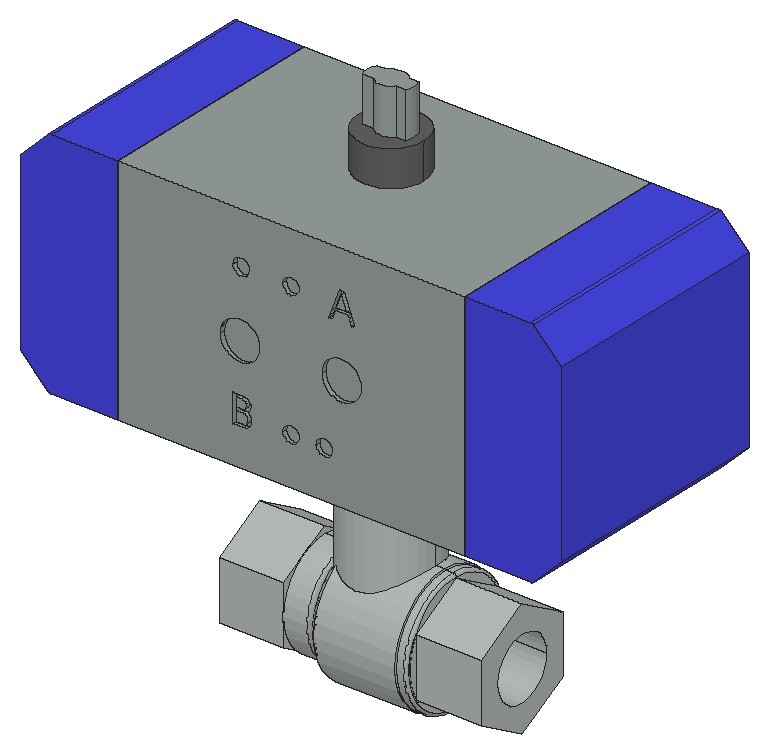
Revit family "QD34830000", category Apparecchi idraulici, Revit 2020
Family settings
  Quota connettore circolare = Usa diametro
  Tipo di parte = Normale
  Numero OmniClass = 23.45.00.00
  Titolo OmniClass = Sanitary, Laundry, and Cleaning Equipment
  Basato su piano di lavoro = No
  Sempre verticale = Sì
  Taglio con vuoti quando caricato = No
  Condiviso = No
  Punto di calcolo locali = No
Parameters
  URL = "https://web.cimberio.it/index.php/figura/1462?subcategoria_id=101"
  Temperatura di esercizio = "-20 ÷ 150°C"
  Prospetto di default = 0 mm
  Produttore = "CIMBERIO SPA"
  Pressione nominale = "PN 32"
  Modello = "Cim 870PDD002"
  Materiale = "Prodotto in lega di ottone conforme alla norma EN 12165-CW617N-DW"
  Descrizione = "Utilizzato nei più svariati settori dell'impiantistica: impianti di riscaldamento, condizionamento, idrici, igienico-sanitari, aria compressa e in generale con ogni fluido non corrosivo.\r\nParticolarmente indicato come valvola di zona per la regolazione e contabilizzazione di impianti di riscaldamento singoli o a zone, impianti con utilizzazione di energie alternative, impianti con fluidi caldi o freddi e impianti di automazione in genere."
  DN Model [instance] = QD34831015 : QD34831015
  DN [instance] = 15 mm
  Commenti sul tipo = "Realizzato in ottemperanza ai requisiti gestionali della norma EN ISO 9001.\r\nCollaudato al 100% secondo la normativa EN 12266-1"
Reference planes
  plane 1 "Centro (Fronte/Retro)": y = 0
  plane 2: z = 0
  plane 3 "Centro (Sinistra/Destra)": x = 0
Dimensions and locks
  aligned and locked: level to plane 2
Nested families
  nested 1: "QD34831015" at (0, 0, 0), type <- "DN Model", type "QD34831015"
  nested 2: "QD34831015" at (0, 0, 0), type <- "DN Model", type "QD34831015"
  nested 3: "QD34831015" at (0, 0, 0), type <- "DN Model", type "QD34831015"
  nested 4: "QD34831015" at (0, 0, 0), type <- "DN Model", type "QD34831015"
Connectors
  piping at (31.6, 0, 0), diameter 15, driven by "DN"
    settings: on nested 1, index 1, connector inside diameter 609.6 mm, connector length 0 mm, flow factor 0, pipe flow 0.0 L/s, pressure drop 0.0 Pa, fitting loss kfactor 0, connector angle 0.00°, fixture units 0, engagement length 0 mm, angle of deflection 0.00°, flow configuration 0, flow direction 0, fitting loss method 0, system type 7, joint type 0, gender type 0, connector reference index -1, connector utility 0, adjustable connector no, is connector primary yes, connector description ""
  piping at (-31.6, 0, 0), diameter 15, driven by "DN"
    settings: on nested 1, index 2, connector inside diameter 609.6 mm, connector length 0 mm, flow factor 0, pipe flow 0.0 L/s, pressure drop 0.0 Pa, fitting loss kfactor 0, connector angle 0.00°, fixture units 0, engagement length 0 mm, angle of deflection 0.00°, flow configuration 0, flow direction 0, fitting loss method 0, system type 7, joint type 0, gender type 0, connector reference index -1, connector utility 0, adjustable connector no, is connector primary no, connector description ""
Definition of nested family "QD34831015"
  Parameters (values of type "QD34831015")
    URL = "https://web.cimberio.it/index.php/figura/394?subcategoria_id="
    Temperatura di esercizio = "-10 ÷ 95°C"
    Default Elevation = 0 mm
    Manufacturer = "CIMBERIO SPA"
    Pressione nominale = "PN 16"
    Model = "Cim 32"
    Materiale = "Prodotto in lega di ottone conforme alla norma EN 12165-CW617N-DW"
    Description = "Impiegato nei più svariati settori dell'impiantistica in condutture anti-ritorno per: reti di distribuzione acqua potabile, impianti di riscaldamento, condizionamento, igienico-sanitari e in generale con ogni fluido non corrosivo."
    DN [instance] = 50 mm
    Type Comments = "Realizzato in ottemperanza ai requisiti gestionali della norma EN ISO 9001.\r\nCollaudato al 100% secondo la normativa EN 12266-1"
  Reference planes
    plane 1 "Centro (Fronte/Retro)": y = 0
    plane 2: z = 0
    plane 3 "Centro (Sinistra/Destra)": x = 0
  Forms (mm)
    Revolve 1, solid
      sketch origin (51.589, 0, -3.5) x (-1, 0, 0) y (0, 0, -1)
        loop
          line (35.989, 4) -> (38.589, 4) -> (38.589, 11.25) -> (36.689, 11.25)
          arc (36.689, 11.25) -> (36.194, 11.045) -> (35.989, 10.55) r 0.7
          line (35.989, 10.55) -> (35.989, 4)
        axis (38.589, -3.5) -> (35.989, -3.5)
      angle from 0 to 360
    Revolve 2, solid
      sketch origin (51.589, 0, -3.5) x (-1, 0, 0) y (0, 0, -1)
        loop
          line (38.589, 4) -> (67.589, 4) -> (67.589, 9) -> (61.832, 9)
          arc (61.832, 9) -> (60.684, 9.228) -> (59.71, 9.879) r 3
          line (59.71, 9.879) -> (58.089, 11.5) -> (38.589, 11.5) -> (38.589, 4)
        axis (67.589, -3.5) -> (38.589, -3.5)
      angle from 0 to 360
    Extrusion 3, solid
      sketch origin (0, 0, 0) x (0, 1, 0) y (0, 0, 1)
        loop
          circle (0, 0) r 7.5
        loop
          line (0, 14) -> (-12.124, 7) -> (-12.124, -7) -> (0, -14) -> (12.124, -7) -> (12.124, 7) -> (0, 14)
      from -31.6 to -16
    Extrusion 4, solid
      sketch origin (0, 0, 0) x (0, 1, 0) y (0, 0, -1)
        loop
          circle (0, 0) r 7.5
        loop
          line (0, -14) -> (12.124, -7) -> (12.124, 7) -> (0, 14) -> (-12.124, 7) -> (-12.124, -7) -> (0, -14)
      from -31.6 to -15.6
    Revolve 5, solid
      sketch origin (51.589, 0, -3.5) x (-1, 0, 0) y (0, 0, -1)
        loop
          line (62.339, -39.814) -> (62.339, -9.295) -> (51.589, -9.295) -> (51.589, -39.814) -> (62.339, -39.814)
        axis (51.589, -39.814) -> (51.589, -9.295)
      angle from 0 to 360
    Extrusion 6, solid
      sketch origin (0, 0, 107.539) x (1, 0, 0) y (0, 1, 0)
        loop
          line (-41.75, 26) -> (-41.75, -30) -> (41.75, -30) -> (41.75, 26) -> (-41.75, 26)
      from -66.539 to -10.539
    Extrusion 7, solid
      sketch origin (0, 0, 0) x (1, 0, 0) y (0, 0, 1)
        loop
          line (-19.447, 41) -> (-19.447, 34.337)
          spline (-19.447, 34.337) -> (-19.438, 34.206) -> (-19.413, 34.078) -> (-19.371, 33.954) -> (-19.313, 33.837) -> (-19.24, 33.728) -> (-19.154, 33.63) -> (-19.056, 33.543) -> (-18.947, 33.471) -> (-18.83, 33.413) -> (-18.706, 33.371) -> (-18.578, 33.345) -> (-18.447, 33.337)
          line (-18.447, 33.337) -> (-15.923, 33.337) -> (16.973, 33.337) -> (18.447, 33.337)
          spline (18.447, 33.337) -> (18.578, 33.345) -> (18.706, 33.371) -> (18.83, 33.413) -> (18.947, 33.471) -> (19.056, 33.543) -> (19.154, 33.63) -> (19.24, 33.728) -> (19.313, 33.837) -> (19.371, 33.954) -> (19.413, 34.078) -> (19.438, 34.206) -> (19.447, 34.337)
          line (19.447, 34.337) -> (19.447, 41) -> (-19.447, 41)
      from 12 to -12
    Extrusion 8, void
      sketch origin (35.5, -24.5, 112.539) x (1, 0, 0) y (0, 0, -1)
        loop
          line (-49.62, 62.638) -> (-49.62, 55.638) -> (-46.999, 55.638)
          arc (-46.999, 55.638) -> (-45.223, 56.862) -> (-45.734, 58.958) r 1.901
          arc (-45.734, 58.958) -> (-45.048, 61.248) -> (-46.992, 62.638) r 2.055
          line (-46.992, 62.638) -> (-49.62, 62.638)
        loop
          line (-48.633, 59.407) -> (-47.09, 59.407)
          arc (-47.09, 59.407) -> (-45.879, 60.619) -> (-47.09, 61.83) r 1.212
          line (-47.09, 61.83) -> (-48.633, 61.83) -> (-48.633, 59.407)
        loop
          line (-48.633, 56.445) -> (-47.299, 56.445)
          arc (-47.299, 56.445) -> (-46.222, 57.522) -> (-47.299, 58.599) r 1.077
          line (-47.299, 58.599) -> (-48.633, 58.599) -> (-48.633, 56.445)
        loop
          line (-23.79, 24.669) -> (-22.677, 24.669) -> (-19.897, 31.669) -> (-20.945, 31.669) -> (-21.741, 29.515) -> (-24.725, 29.515) -> (-25.522, 31.669) -> (-26.569, 31.669) -> (-23.79, 24.669)
        loop
          line (-22.039, 28.707) -> (-24.428, 28.707) -> (-23.233, 25.476) -> (-22.039, 28.707)
        loop
          circle (-47.5, 28.039) r 2
        loop
          circle (-35.5, 28.039) r 2
        loop
          circle (-47.75, 44.039) r 4.75
        loop
          circle (-23.25, 44.039) r 4.75
        loop
          circle (-35.5, 60.039) r 2
        loop
          circle (-27.5, 60.039) r 2
      from -4.5 to -6.702
    Extrusion 9, solid
      sketch origin (0, 0, 86) x (1, 0, 0) y (0, 1, 0)
        loop
          circle (0, 0) r 8
      from 11 to 19.5
    Extrusion 10, solid
      sketch origin (0, 0, 86) x (1, 0, 0) y (0, 1, 0)
        loop
          line (-2.687, 2) -> (-5.123, 2)
          arc (-5.123, 2) -> (-5.5, 0) -> (-5.123, -2) r 5.5
          line (-5.123, -2) -> (-2.687, -2)
          arc (-2.687, -2) -> (0, -3.35) -> (2.687, -2) r 3.35
          line (2.687, -2) -> (5.123, -2)
          arc (5.123, -2) -> (5.5, 0) -> (5.123, 2) r 5.5
          line (5.123, 2) -> (2.687, 2)
          arc (2.687, 2) -> (0, 3.35) -> (-2.687, 2) r 3.35
      from 30.35 to 19.5
    Extrusion 11, void
      sketch origin (-35.5, 24.5, 112.539) x (-1, 0, 0) y (0, 0, -1)
        loop
          line (-49.62, 62.638) -> (-49.62, 55.638) -> (-46.999, 55.638)
          arc (-46.999, 55.638) -> (-45.223, 56.862) -> (-45.734, 58.958) r 1.901
          arc (-45.734, 58.958) -> (-45.048, 61.248) -> (-46.992, 62.638) r 2.055
          line (-46.992, 62.638) -> (-49.62, 62.638)
        loop
          line (-48.633, 59.407) -> (-47.09, 59.407)
          arc (-47.09, 59.407) -> (-45.879, 60.619) -> (-47.09, 61.83) r 1.212
          line (-47.09, 61.83) -> (-48.633, 61.83) -> (-48.633, 59.407)
        loop
          line (-48.633, 56.445) -> (-47.299, 56.445)
          arc (-47.299, 56.445) -> (-46.222, 57.522) -> (-47.299, 58.599) r 1.077
          line (-47.299, 58.599) -> (-48.633, 58.599) -> (-48.633, 56.445)
        loop
          line (-23.79, 24.669) -> (-22.677, 24.669) -> (-19.897, 31.669) -> (-20.945, 31.669) -> (-21.741, 29.515) -> (-24.725, 29.515) -> (-25.522, 31.669) -> (-26.569, 31.669) -> (-23.79, 24.669)
        loop
          line (-22.039, 28.707) -> (-24.428, 28.707) -> (-23.233, 25.476) -> (-22.039, 28.707)
        loop
          circle (-47.5, 28.039) r 2
        loop
          circle (-35.5, 28.039) r 2
        loop
          circle (-47.75, 44.039) r 4.75
        loop
          circle (-23.25, 44.039) r 4.75
        loop
          circle (-35.5, 60.039) r 2
        loop
          circle (-27.5, 60.039) r 2
      from -2.638 to -0.611
    Extrusion 12, solid
      sketch origin (35.5, -30, 107.539) x (-1, 0, 0) y (0, 0, -1)
        loop
          line (94.009, 10.799) -> (100.75, 17.539) -> (100.75, 59.539) -> (94.108, 66.181)
          arc (94.108, 66.181) -> (93.711, 66.446) -> (93.243, 66.539) r 1.224
          line (93.243, 66.539) -> (77.25, 66.539) -> (77.25, 10.539) -> (93.262, 10.539)
          arc (93.262, 10.539) -> (93.657, 10.606) -> (94.009, 10.799) r 1.207
      from 0 to -56
    Extrusion 13, solid
      sketch origin (-35.5, -30, 107.539) x (1, 0, 0) y (0, 0, 1)
        loop
          arc (94.009, -10.799) -> (93.657, -10.606) -> (93.262, -10.539) r 1.207
          line (93.262, -10.539) -> (77.25, -10.539) -> (77.25, -66.539) -> (93.243, -66.539)
          arc (93.243, -66.539) -> (93.711, -66.446) -> (94.108, -66.181) r 1.224
          line (94.108, -66.181) -> (100.75, -59.539) -> (100.75, -17.539) -> (94.009, -10.799)
      from 0 to -56
  Cuts and joins
    Extrusion 8, Extrusion 11 cuts Extrusion 6
  Dimensions and locks
    aligned and locked: level to plane 2
